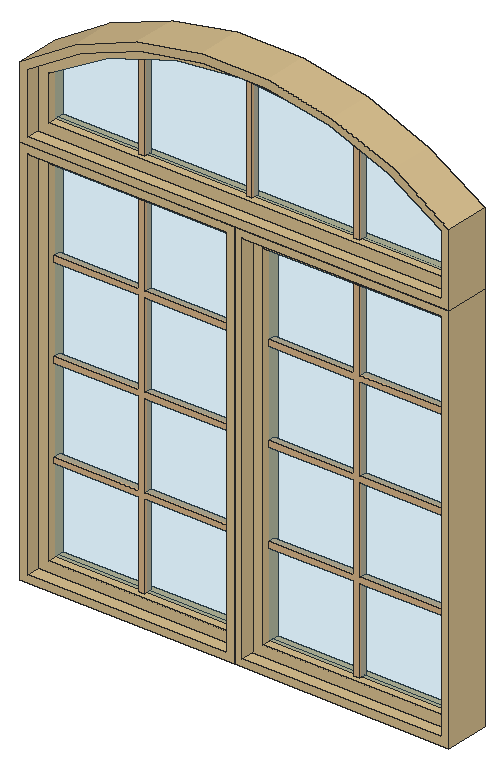
Revit family
Parameters (values of type "6' 0 1/2" x 4' 10"")
  Rough Width = Width + (1' 0" / 16)  # 4' - 10 3/4"
  Rough Height = Height + (1' 0" / 16)  # 6' - 1 1/4"
  Height = 6' - 0 1/2"
  Default Sill Height = 3' - 0"
  Wall Closure = (empty or 0)
  Width = 4' - 10"
  Assembly Code = ""
Reference planes (in)
  plane 1 "Center (Front/Back)": y = 0
  plane 2: z = 0
  plane 3 "Center (Left/Right)": x = 0
  plane 4 "Sill": z = 36
  plane 5 "Top": z = 108.5
  plane 6 "Right": x = -29
  plane 7 "Left": x = 29
Forms (in)
  Extrusion 1, solid, material "Sill"
    sketch origin (14.5, 0, 0) x (1, 0, 0) y (0, 0, 1)
      loop
        line (-13.488, 87.988) -> (-13.488, 37.012) -> (13.488, 37.012) -> (13.488, 87.988) -> (-13.488, 87.988)
      loop
        line (-14.5, 89) -> (-14.5, 36) -> (14.5, 36) -> (14.5, 89) -> (-14.5, 89)
    from -3 to 3
  Extrusion 2, solid, material "Frame"
    sketch origin (14.5, 0, 0) x (1, 0, 0) y (0, 0, 1)
      loop
        line (-13.488, 87.988) -> (-13.488, 37.012) -> (13.488, 37.012) -> (13.488, 87.988) -> (-13.488, 87.988)
      loop
        line (-12.04, 86.54) -> (-12.04, 38.46) -> (12.04, 38.46) -> (12.04, 86.54) -> (-12.04, 86.54)
    from 1.25 to -1.25
  Extrusion 3, solid, material "Grill"
    sketch origin (14.5, 0, 0) x (1, 0, 0) y (0, 0, 1)
      loop
        line (0.3815, 86.54) -> (-0.3815, 86.54) -> (-0.3815, 75.09225) -> (-12.04, 75.09225) -> (-12.04, 74.32925) -> (-0.3815, 74.32925) -> (-0.3815, 62.8815) -> (-12.04, 62.8815) -> (-12.04, 62.1185) -> (-0.3815, 62.1185) -> (-0.3815, 50.67075) -> (-12.04, 50.67075) -> (-12.04, 49.90775) -> (-0.3815, 49.90775) -> (-0.3815, 38.46) -> (0.3815, 38.46) -> (0.3815, 49.90775) -> (12.04, 49.90775) -> (12.04, 50.67075) -> (0.3815, 50.67075) -> (0.3815, 62.1185) -> (12.04, 62.1185) -> (12.04, 62.8815) -> (0.3815, 62.8815) -> (0.3815, 74.32925) -> (12.04, 74.32925) -> (12.04, 75.09225) -> (0.3815, 75.09225) -> (0.3815, 86.54)
    from 0.5 to -0.5
  Extrusion 4, solid, material "Glass"
    sketch origin (14.5, 0, 0) x (1, 0, 0) y (0, 0, 1)
      loop
        line (12.04, 86.54) -> (-12.04, 86.54) -> (-12.04, 38.46) -> (12.04, 38.46) -> (12.04, 86.54)
    from 0.25 to -0.25
  Extrusion 5, solid, material "Sill"
    sketch origin (-14.5, 0, 0) x (1, 0, 0) y (0, 0, 1)
      loop
        line (-13.488, 87.988) -> (-13.488, 37.012) -> (13.488, 37.012) -> (13.488, 87.988) -> (-13.488, 87.988)
      loop
        line (-14.5, 89) -> (-14.5, 36) -> (14.5, 36) -> (14.5, 89) -> (-14.5, 89)
    from -3 to 3
  Extrusion 6, solid, material "Frame"
    sketch origin (-14.5, 0, 0) x (1, 0, 0) y (0, 0, 1)
      loop
        line (-13.488, 87.988) -> (-13.488, 37.012) -> (13.488, 37.012) -> (13.488, 87.988) -> (-13.488, 87.988)
      loop
        line (-12.04, 86.54) -> (-12.04, 38.46) -> (12.04, 38.46) -> (12.04, 86.54) -> (-12.04, 86.54)
    from 1.25 to -1.25
  Extrusion 7, solid, material "Grill"
    sketch origin (-14.5, 0, 0) x (1, 0, 0) y (0, 0, 1)
      loop
        line (0.3815, 86.54) -> (-0.3815, 86.54) -> (-0.3815, 75.09225) -> (-12.04, 75.09225) -> (-12.04, 74.32925) -> (-0.3815, 74.32925) -> (-0.3815, 62.8815) -> (-12.04, 62.8815) -> (-12.04, 62.1185) -> (-0.3815, 62.1185) -> (-0.3815, 50.67075) -> (-12.04, 50.67075) -> (-12.04, 49.90775) -> (-0.3815, 49.90775) -> (-0.3815, 38.46) -> (0.3815, 38.46) -> (0.3815, 49.90775) -> (12.04, 49.90775) -> (12.04, 50.67075) -> (0.3815, 50.67075) -> (0.3815, 62.1185) -> (12.04, 62.1185) -> (12.04, 62.8815) -> (0.3815, 62.8815) -> (0.3815, 74.32925) -> (12.04, 74.32925) -> (12.04, 75.09225) -> (0.3815, 75.09225) -> (0.3815, 86.54)
    from 0.5 to -0.5
  Extrusion 8, solid, material "Glass"
    sketch origin (-14.5, 0, 0) x (1, 0, 0) y (0, 0, 1)
      loop
        line (12.04, 86.54) -> (-12.04, 86.54) -> (-12.04, 38.46) -> (12.04, 38.46) -> (12.04, 86.54)
    from 0.25 to -0.25
  Extrusion 9, solid, material "Sill"
    sketch origin (0, 0, 0) x (1, 0, 0) y (0, 0, 1)
      loop
        arc (29, 98.7684) -> (0, 108.51922) -> (-29, 98.7684) r 48
        line (-29, 98.7684) -> (-29, 89) -> (29, 89) -> (29, 98.7684)
      loop
        arc (28, 98.26839) -> (0, 107.51922) -> (-28, 98.26839) r 47
        line (-28, 98.26839) -> (-28, 90) -> (28, 90) -> (28, 98.26839)
    from -3 to 3
  Extrusion 10, solid, material "Frame"
    sketch origin (0, 0, 0) x (1, 0, 0) y (0, 0, 1)
      loop
        line (-28, 98.26839) -> (-28, 90) -> (28, 90) -> (28, 98.26839)
        arc (28, 98.26839) -> (0, 107.51922) -> (-28, 98.26839) r 47
      loop
        arc (26.55078, 97.53178) -> (0, 106.07) -> (-26.55078, 97.53178) r 45.55078
        line (-26.55078, 97.53178) -> (-26.55078, 91.44922) -> (26.55078, 91.44922) -> (26.55078, 97.53178)
    from -1.25 to 1.25
  Extrusion 11, solid, material "Grill"
    sketch origin (0, 0, 0) x (1, 0, 0) y (0, 0, 1)
      loop
        line (14.125, 91.44922) -> (14.875, 91.44922) -> (14.875, 103.57277)
        arc (14.875, 103.57277) -> (14.50055, 103.70032) -> (14.125, 103.82462) r 45.55078
        line (14.125, 103.82462) -> (14.125, 91.44922)
    from -0.5 to 0.5
  Extrusion 12, solid, material "Grill"
    sketch origin (0, 0, 0) x (-1, 0, 0) y (0, 0, -1)
      loop
        line (14.125, -91.44922) -> (14.125, -103.82462)
        arc (14.125, -103.82462) -> (14.50055, -103.70032) -> (14.875, -103.57277) r 45.55078
        line (14.875, -103.57277) -> (14.875, -91.44922) -> (14.125, -91.44922)
    from -0.5 to 0.5
  Extrusion 13, solid, material "Grill"
    sketch origin (0, 0, 0) x (1, 0, 0) y (0, 0, 1)
      loop
        line (-0.375, 91.44922) -> (0.375, 91.44922) -> (0.375, 106.06845)
        arc (0.375, 106.06845) -> (0, 106.07) -> (-0.375, 106.06845) r 45.55078
        line (-0.375, 106.06845) -> (-0.375, 91.44922)
    from -0.5 to 0.5
  Extrusion 14, solid, material "Glass"
    sketch origin (0, 0, 0) x (1, 0, 0) y (0, 0, 1)
      loop
        line (-26.55078, 97.53178) -> (-26.55078, 91.44922) -> (26.55078, 91.44922) -> (26.55078, 97.53178)
        arc (26.55078, 97.53178) -> (0, 106.07) -> (-26.55078, 97.53178) r 45.55078
    from 0.25 to -0.25
Lines and regions (in)
  Opening 1
    outline origin (-45.5, -3, 0) x (1, 0, 0) y (0, 0, 1)
      loop
        line (16.5, 98.7684) -> (16.5, 36) -> (74.5, 36) -> (74.5, 98.7684)
        arc (74.5, 98.7684) -> (45.5, 108.51922) -> (16.5, 98.7684) r 48
  Opening 2
    outline origin (-45.5, 3, 0) x (-1, 0, 0) y (0, 0, 1)
      loop
        line (-16.5, 89) -> (-45.5, 89) -> (-45.5, 36) -> (-16.5, 36) -> (-16.5, 89)
Text (in)
  text "EXTERIOR" at (-58.6888, 50.90694, 0), in view "Ref. Level"
  text "INTERIOR" at (-58.6888, -37.76638, 0), in view "Ref. Level"
  text "Exterior" at (0, 43.65631, 123.19604), in view "Left"
  text "Exterior" at (0, 18.29385, 125.04747), in view "Right"
